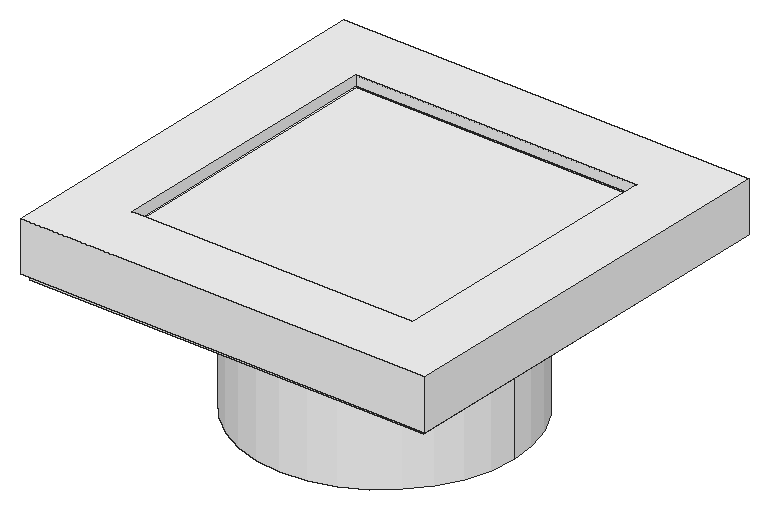
Revit family "Gira_0126005", category Electrical Fixtures, host Face, Revit 2017
Family settings
  Host = Face
  Maintain Annotation Orientation = Yes
  Round Connector Dimension = Use Diameter
  Part Type = Normal
  Cut with Voids When Loaded = No
  Shared = No
  Room Calculation Point = No
Parameters (values of type "PB sw. off/2-way System 55 black m")
  White [instance] = White
  URL = "http://katalog.gira.de/en/datenblatt.html?artikelnr=0126005"
  Name = "PB sw. off/2-way System 55 black m"
  Model = "Sys55_Komplettgerät_Schalten und Tasten"
  Manufacturer URL = "https://www.gira.de/"
  Manufacturer = "Gira"
  Label space/information surface = "No"
  HeinzeBIM = "https://bimportal.heinze.de/bim/pb-sw-off-2-way-system-55-black-m/dc7384aa6f52439389003ff86516f44fbe8f3ab8"
  HAN = "0126005"
  GTIN = "4010337037965"
  Description = "PB sw.off 2-w Sys55 BKm,Pushbutton switch 10 AX 250 V~ with rocker,Universal off 2-way switch,black matt,"
  Default Elevation = 1219.2 mm
  Data sheet (1) = "https://katalog.gira.de/en/download.html?artikelnr=0126005"
  Category = "Switch"
  BIM (1) = "https://media.stage.bim.site/public/gira/36a6b08/Sys55_Komplettgerät_Schalten und Tasten.rfa?public/gira/36a6b08/Sys55_Komplettgerät_Schalten und Tasten.rfa"
  Available = "No"
Reference planes
  plane 1 "Center (Front/Back)": y = 0
  plane 2: z = 0
  plane 3 "Center (Left/Right)": x = 0
Forms (mm)
  Extrusion 1, solid, material "White" <- "White", detail levels medium
    sketch origin (0, 0, 0) x (1, 0, 0) y (0, 1, 0)
      loop
        line (-40.4, 40.4) -> (-40.4, -40.4) -> (40.4, -40.4) -> (40.4, 40.4) -> (-40.4, 40.4)
      loop
        line (-28, 28) -> (-28, -28) -> (28, -28) -> (28, 28) -> (-28, 28)
    from 0 to 10
  Extrusion 2, solid, material "White" <- "White", detail levels fine
    sketch origin (0, 0, 0) x (1, 0, 0) y (0, 1, 0)
      loop
        line (-40.4, 40.4) -> (-40.4, -40.4) -> (40.4, -40.4) -> (40.4, 40.4) -> (-40.4, 40.4)
      loop
        line (-28, 28) -> (-28, -28) -> (28, -28) -> (28, 28) -> (-28, 28)
    from 0 to 10
  Extrusion 3, void
    sketch origin (0, 0, 0) x (1, 0, 0) y (0, 1, 0)
      loop
        line (-38.4, 38.4) -> (-38.4, -38.4) -> (38.4, -38.4) -> (38.4, 38.4) -> (-38.4, 38.4)
    from 0 to 8
  Extrusion 4, solid, material "White" <- "White", detail levels medium+fine
    sketch origin (0, 0, 0) x (1, 0, 0) y (0, 1, 0)
      loop
        line (-39.4, 39.4) -> (-39.4, -39.4) -> (39.4, -39.4) -> (39.4, 39.4) -> (-39.4, 39.4)
    from 0 to -1
  Extrusion 5, solid, material "White" <- "White", detail levels medium+fine
    sketch origin (0, 0, 0) x (1, 0, 0) y (0, 1, 0)
      loop
        line (-35.5, 35.5) -> (-35.5, -35.5) -> (35.5, -35.5) -> (35.5, 35.5) -> (-35.5, 35.5)
    from -2 to -3
  Extrusion 6, solid, material "White" <- "White", detail levels medium+fine
    sketch origin (0, 0, 0) x (1, 0, 0) y (0, 1, 0)
      loop
        circle (0, 0) r 26
    from 0 to -27.5
  Extrusion 7, solid, material "White" <- "White", detail levels coarse
    sketch origin (0, 0, 0) x (1, 0, 0) y (0, 1, 0)
      loop
        line (-40.4, 40.4) -> (-40.4, -40.4) -> (40.4, -40.4) -> (40.4, 40.4) -> (-40.4, 40.4)
    from -27.5 to 10
Cuts and joins
  Extrusion 3 cuts Extrusion 2
Dimensions and locks
  aligned and locked: plane 2 to host face
  aligned and locked: level to host face
  aligned and locked: plane 3 "Center (Left/Right)" to nested 2
  aligned and locked: plane 1 "Center (Front/Back)" to nested 2
Nested families
  nested 1: "Sys55_Abdeckung_Schalten und Tasten_floor_base" at (0, 0, 0), type "Sys55_Abdeckung_Schalten und Tasten_floor_base"
  nested 2: "Schalter" at (0, 0, 0), type "Schalter"
Connectors
  electrical at (0, 0, -27.5)
    settings: on Extrusion 6, index 1, voltage 220 V, apparent load 0 VA, apparent load phase1 0 VA, apparent load phase2 0 VA, apparent load phase3 0 VA, power factor 1, load classification "Other", number of poles 1, system type 30, power factor state 1, is connector primary yes, connector utility no, sub classification motor no, connector description ""
Definition of nested family "Sys55_Abdeckung_Schalten und Tasten_floor_base"
  Parameters
    Default Elevation = 1219.2 mm
    White [instance] = none
  Reference planes
    plane 1 "Center (Front/Back)": y = 0
    plane 2: z = 0
    plane 3 "Center (Left/Right)": x = 0
  Forms (mm)
    Extrusion 1, solid
      sketch origin (0, 0, 0) x (1, 0, 0) y (0, 1, 0)
        loop
          line (-1219.2, 1219.2) -> (-1219.2, -1219.2) -> (1219.2, -1219.2) -> (1219.2, 1219.2) -> (-1219.2, 1219.2)
      from 0 to -304.8
    Extrusion 2, solid, material <- "White", detail levels fine
      sketch origin (0, 0, 0) x (1, 0, 0) y (0, 1, 0)
        loop
          line (-27.5, 27.5) -> (-27.5, -27.5) -> (27.5, -27.5) -> (27.5, 27.5) -> (-27.5, 27.5)
      from 0 to 8
    Extrusion 3, void
      sketch origin (0, 0, 0) x (1, 0, 0) y (0, 1, 0)
        loop
          line (26, 26) -> (-26, 26) -> (-26, -26) -> (26, -26) -> (26, 26)
      from 0 to 6
    Extrusion 4, solid, material <- "White", detail levels medium
      sketch origin (0, 0, 0) x (1, 0, 0) y (0, 1, 0)
        loop
          line (-27.5, 27.5) -> (-27.5, -27.5) -> (27.5, -27.5) -> (27.5, 27.5) -> (-27.5, 27.5)
      from 0 to 8
    Extrusion 5, solid, material <- "White", detail levels medium
      sketch origin (0, 0, 0) x (1, 0, 0) y (0, 1, 0)
        loop
          line (11, -17.5) -> (11, 17.5) -> (-11, 17.5) -> (-11, -17.5) -> (11, -17.5)
      from -6 to 6
    Extrusion 6, solid, material <- "White", detail levels fine
      sketch origin (0, 0, 0) x (1, 0, 0) y (0, 1, 0)
        loop
          line (11, 17.5) -> (-11, 17.5) -> (-11, 16.5) -> (11, 16.5) -> (11, 17.5)
        loop
          line (-11, -16.5) -> (-11, -17.5) -> (11, -17.5) -> (11, -16.5) -> (-11, -16.5)
      from -4 to 6
    Extrusion 7, solid, material <- "White", detail levels fine
      sketch origin (0, 0, 0) x (1, 0, 0) y (0, 1, 0)
        loop
          arc (5, 9.347) -> (0, 10.6) -> (-5, 9.347) r 10.6
          line (-5, 9.347) -> (-5, -9.347)
          arc (-5, -9.347) -> (0, -10.6) -> (5, -9.347) r 10.6
          line (5, -9.347) -> (5, 9.347)
      from -6 to 6
    Extrusion 8, solid, material <- "White", detail levels coarse
      sketch origin (0, 0, 0) x (1, 0, 0) y (0, 1, 0)
        loop
          line (-27.5, 27.5) -> (-27.5, -27.5) -> (27.5, -27.5) -> (27.5, 27.5) -> (-27.5, 27.5)
      from -6 to 8
  Cuts and joins
    Extrusion 3 cuts Extrusion 2
  Dimensions and locks
    aligned and locked: plane 2 to Extrusion 1
    aligned and locked: level to Extrusion 1
Definition of nested family "Schalter"
  Reference planes
    plane 1: y = 0
    plane 2: x = 0
  Lines and regions (mm)
    detail lines
      curve 1: circle (1.375, 2.778, 0) r 0.8 normal (0, 0, 1)
      curve 2: line (1.021, 2.061, 0) -> (0, 0, 0)
      curve 3: line (0, 0, 0) -> (-0.538, 0.266, 0)
  Dimensions and locks
    curve 2 to curve 2 = 2.3 mm
    curve 3 to curve 2 = 0.6 mm
    radius of curve 1 = 0.8 mm
